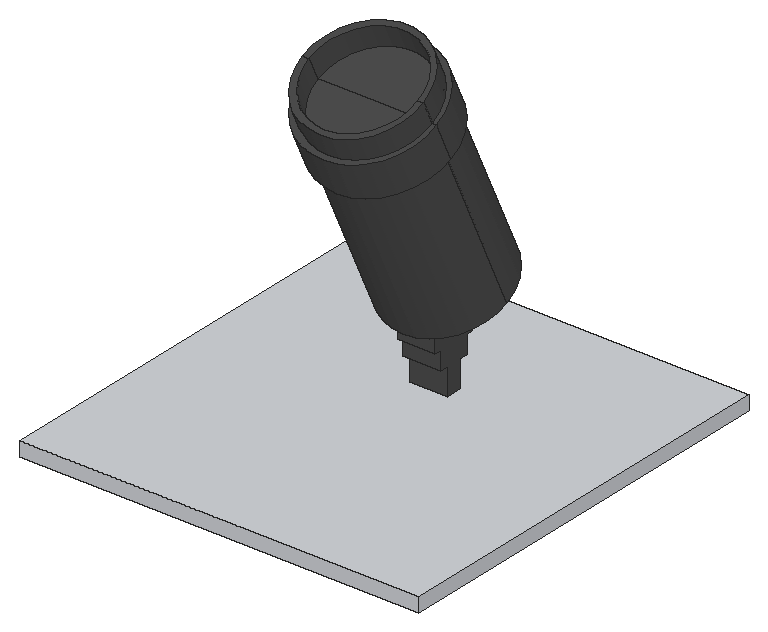
Revit family "Lighting-Accent-Amerlux-ACCL", category Lighting Fixtures, host Face, Revit 2017
Family settings
  Host = Face
  Round Connector Dimension = Use Diameter
  Part Type = Normal
  Cut with Voids When Loaded = No
  Light Source = Yes
  Shared = No
  Room Calculation Point = No
Parameters
  Voltage = 0 V
  Rotation Angle [instance] = 65.00°
  Power Factor = 1
  Photometric Web File = ""
  Number of Poles = 1
  Material = Black Finish
  Light Source Angle [instance] = Rotation Angle  # 65.00°
  Lamp = "LED"
  Input Wattage = ""
  Wattage = 26 W
  built-in parameter 1150110 = 1 (stored number, unit not read)
  URL = "http://www.amerlux.com"
  built-in parameter 1114217 = 1 (stored number, unit not read)
  Tilt Angle = 90.00°
  built-in parameter 1150109 = 1 (stored number, unit not read)
  built-in parameter 1150134 = 12
  built-in parameter 1150113 = 1 (stored number, unit not read)
  Model = "ACCL"
  Manufacturer = "Amerlux"
  built-in parameter 1150105 = 206.9 (stored number, unit not read)
  Lumens = 2600 lm
  built-in parameter 1150115 = 1 (stored number, unit not read)
  built-in parameter 1150137 = (empty or 0)
  built-in parameter 1150139 = (empty or 0)
  built-in parameter 1150112 = 1 (stored number, unit not read)
  built-in parameter 1150114 = 1 (stored number, unit not read)
  Keynote = ""
  built-in parameter 1150132 = (empty or 0)
  built-in parameter 1150102 = (empty or 0)
  built-in parameter 1150107 = 4000 (stored number, unit not read)
  built-in parameter 1150138 = (empty or 0)
  built-in parameter 1150106 = 2.069 (stored number, unit not read)
  Finish = ""
  Emit from Circle Diameter = 3"
  Emit Shape Visible in Rendering = yes
  built-in parameter 1150104 = 9.2903 (stored number, unit not read)
  Dimming Lamp Color Temperature Shift = (empty or 0)
  Description = "Accent Lighting"
  Default Elevation = 48"
  Color Filter = 16777215
  built-in parameter 1114218 = 1 (stored number, unit not read)
  built-in parameter 1150133 = 10 (stored number, unit not read)
  Assembly Code = ""
  Apparent Load = 0 VA
Reference planes (in)
  plane 1 "Center (Front/Back)": y = 1.97868
  plane 2: z = -2.07521
  plane 3 "Center (Left/Right)": x = 1.10964
  plane 4: z = 4.16021
  plane 5: x = -2.39036
  plane 6: x = 4.60964
Forms (in)
  Extrusion 1, solid
    sketch origin (0, -1.75, 0) x (1, 0, 0) y (0, 1, 0)
      loop
        line (-4.834, 9.47868) -> (-4.834, -2.91739) -> (7.17098, -2.91739) -> (7.17098, 9.47868) -> (-4.834, 9.47868)
    from -2.07521 to -2.50349
  Extrusion 2, solid, material "Black Finish" <- "Material"
    sketch origin (1.10964, 0, 0) x (0, -1, 0) y (0, 0, 1)
      loop
        line (-4.18351, -0.72191) -> (-3.9812, -0.72191) -> (-3.9812, -1.26966) -> (-3.7312, -1.26966) -> (-3.7312, -2.07521) -> (-3.26276, -2.07521) -> (-3.26276, -1.26966) -> (-3.01276, -1.26966) -> (-3.01276, -0.72191) -> (-2.80337, -0.72191) -> (-2.80337, 2.35891) -> (-4.18351, 2.35891) -> (-4.18351, -0.72191)
    from -0.5742 to 0.56577
Dimensions and locks (in)
  equal spacing: plane 6, plane 3 "Center (Left/Right)", plane 5
  plane 6 to plane 5 = 7"
  "Rotation Angle": angle plane 4 to imposter light
  "Rotation Angle": angle plane 4 to nested 1
  aligned and locked: plane 2 to Extrusion 1
  aligned: plane 1 "Center (Front/Back)" to imposter light
Automatic sketch dimensions
  Extrusion 1 sketch curve to Extrusion 1 sketch curve = 12.00498"
  Extrusion 1 sketch curve to Extrusion 1 sketch curve = 12.39607"
  Extrusion 2 sketch curve to level = 0.72191"  (x2)
  plane 1 "Center (Front/Back)" to Extrusion 2 sketch curve = 2.20483"
  Extrusion 2 sketch curve to Extrusion 2 sketch curve = 0.20231"
  Extrusion 2 sketch curve to Extrusion 2 sketch curve = 1/4"  (x2)
  Extrusion 2 sketch curve to Extrusion 2 sketch curve = 0.46844"
  Extrusion 2 sketch curve to Extrusion 2 sketch curve = 0.20939"
  Extrusion 2 sketch curve to Extrusion 2 sketch curve = 0.54775"
  Extrusion 2 sketch curve to Extrusion 2 sketch curve = 0"
  Extrusion 2 sketch curve to Extrusion 2 sketch curve = 0.80555"
  Extrusion 2 sketch curve to plane 4 = 1.8013"
Nested families (in)
  nested 1: "Track Head" at (-0.09727, 2.2341, 3.91062) x (0, -0.9063, -0.4226) z (-1, 0, 0), type "Track Head"
Connectors (in)
  electrical at (1.11385, 3.49698, -2.07521), driven by "Number of Poles", driven by "Voltage", driven by "Apparent Load", driven by "Power Factor"
    settings: on Extrusion 2, index 1, voltage 0 V, apparent load 0 VA, apparent load phase1 0 VA, apparent load phase2 0 VA, apparent load phase3 0 VA, power factor 1, load classification "Other", number of poles 1, system type 31, power factor state 1, is connector primary yes, connector utility no, sub classification motor no, connector description ""
Definition of nested family "Track Head"
  Parameters (values of type "Track Head")
    Width = 6 115/128"
    Material = none
    Default Elevation = 48"
    Assembly Code = ""
  Reference planes (in)
    plane 1 "Center (Front/Back)": y = 0
    plane 2: z = 0
    plane 3 "Center (Left/Right)": x = 0
    plane 4: z = -1.12068
    plane 5: z = -1.18318
    plane 6: y = 3.44922
    plane 7: y = -3.44922
    plane 8: z = 0.4034
    plane 9: z = -4.32
  Forms (in)
    Extrusion 1, solid
      sketch origin (0, 0, 0) x (1, 0, 0) y (0, 1, 0)
        loop
          line (-48, 48) -> (-48, -48) -> (48, -48) -> (48, 48) -> (-48, 48)
      from 0 to -0.80444
    Revolve 2, solid, material <- "Material"
      sketch origin (0, 0, -3.75) x (0, 1, 0) y (0, 0, 1)
        loop
          line (-3.44922, 4.14766) -> (-3.44922, 2.33244) -> (4, 2.33244) -> (4, 4.14766) -> (-3.44922, 4.14766)
        axis (-3.44922, 2.33244) -> (4, 2.33244)
      angle from 0 to 360
    Revolve 3, void
      sketch origin (0, 0, -3.8125) x (0, 1, 0) y (0, 0, 1)
        loop
          line (4, 2.37932) -> (4, 4.01623) -> (0, 4.01623) -> (0, 2.37932) -> (4, 2.37932)
        axis (0, 2.37932) -> (4, 2.37932)
      angle from 0 to 360
    Revolve 4, solid, material <- "Material"
      sketch origin (0, 0, 0) x (0, 1, 0) y (0, 0, 1)
        loop
          line (2.0044, 0.60616) -> (2.0044, -1.39384) -> (3.2544, -1.39384) -> (3.2544, 0.60616) -> (2.0044, 0.60616)
        axis (2.0044, -1.39384) -> (3.2544, -1.39384)
      angle from 0 to 360
  Cuts and joins
    Revolve 3 cuts Revolve 2
  Dimensions and locks (in)
    equal spacing: plane 6, plane 1 "Center (Front/Back)", plane 7
    "Width": plane 6 to plane 7
    plane 8 to plane 9 = 4.7234"
    radius of cut or joined group of Revolve 2, Revolve 3 = 1.81522"
    aligned and locked: plane 2 to Extrusion 1
    aligned and locked: level to Extrusion 1
    aligned and locked: plane 1 "Center (Front/Back)" to cut or joined group of Revolve 2, Revolve 3
    aligned and locked: Revolve 2 sketch curve to Revolve 2 sketch curve
  Automatic sketch dimensions
    Extrusion 1 sketch curve to Extrusion 1 sketch curve = 96"  (x2)
    Revolve 3 sketch curve to plane 1 "Center (Front/Back)" = 0"
    Revolve 3 sketch curve to plane 5 = 1/4"  (x2)
    Revolve 3 sketch curve to plane 6 = 141/256"
    level to Revolve 3 sketch curve = 0.20373"
    plane 7 to Revolve 3 sketch curve = 0.4751"
    Revolve 3 sketch curve to plane 6 = 1.36838"
    Revolve 2 sketch curve to plane 7 = 0"
    Revolve 2 sketch curve to plane 6 = 141/256"
    Revolve 2 sketch curve to plane 4 = 19/64"
    Revolve 2 sketch curve to plane 8 = 0.00574"
    Revolve 2 sketch curve to Revolve 2 sketch curve = 5.73878"
    Revolve 2 sketch curve to Revolve 2 sketch curve = 6.47056"
    plane 8 to Revolve 4 sketch curve = 0.20276"
    plane 6 to Revolve 4 sketch curve = 1.44482"
    plane 6 to Revolve 4 sketch curve = 0.19482"
    Revolve 4 sketch curve to level = 1.39384"  (x2)
    Revolve 4 sketch curve to Revolve 4 sketch curve = 0"
    Revolve 4 sketch curve to plane 6 = 2.30518"
